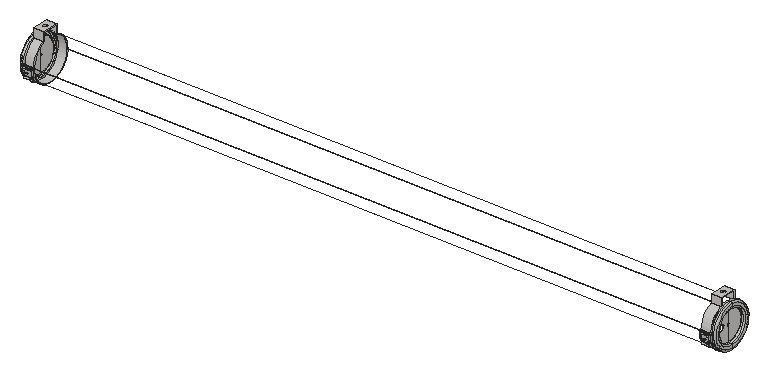
Revit family "FT Mustang_2020", category Lighting Fixtures, Revit 2020
Family settings
  Round Connector Dimension = Use Diameter
  Part Type = Normal
  OmniClass Number = 23.80.70.00
  OmniClass Title = Lighting
  Work Plane-Based = No
  Always vertical = Yes
  Cut with Voids When Loaded = No
  Light Source = Yes
  Shared = No
  Room Calculation Point = No
Parameters (values of type "MU324")
  Watts = 40 W
  Wattage = 45.1051 W
  built-in parameter 1150110 = 1 (stored number, unit not read)
  Useful life = "L70B50>50000"
  Unify glade rating = "UGR<19"
  URL = "https://www.airfal.com/prod/aplicaciones-iluminacion/zonas-deportivas/mustang/"
  built-in parameter 1114217 = 1 (stored number, unit not read)
  Tilt Angle = 90.00°
  built-in parameter 1150109 = 1 (stored number, unit not read)
  built-in parameter 1150134 = 12
  built-in parameter 1150113 = 1 (stored number, unit not read)
  Size = 1500.00 mm
  Photometric Web File = "MU324 MUSTANG 1500 40W 4000K 6940 lm G5.IES"
  Photobiological risk group = "RG 0/1"
  Net output = 4481 lm
  MacAdam Ellipse = "3/4"
  built-in parameter 1150105 = 533.17 (stored number, unit not read)
  Lumens = 6700 lm
  built-in parameter 1150115 = 1 (stored number, unit not read)
  built-in parameter 1150137 = (empty or 0)
  built-in parameter 1150139 = (empty or 0)
  Led Module = yes
  built-in parameter 1150112 = 1 (stored number, unit not read)
  built-in parameter 1150114 = 1 (stored number, unit not read)
  L = 1660.00 mm
  built-in parameter 1150132 = 2
  built-in parameter 1150102 = (empty or 0)
  built-in parameter 1150107 = 4000 (stored number, unit not read)
  built-in parameter 1150138 = (empty or 0)
  built-in parameter 1150106 = 5.3317 (stored number, unit not read)
  IP = "IP69K"
  IK = "IK10"
  Glow wire test = ""
  Emit from Line Length = 609.60 mm
  Emergency system = no
  built-in parameter 1150104 = 13.8 (stored number, unit not read)
  EX Area = ""
  Dimming Lamp Color Temperature Shift = <None>
  Description = "https://www.airfal.com/fichas/new/FT-Mustang.pdf"
  Default Elevation = 0.00 mm
  Color Filter = 16777215
  Chromatic Index = "CR>80"
  built-in parameter 1114218 = 1 (stored number, unit not read)
  built-in parameter 1150133 = 10 (stored number, unit not read)
Types (12, lengths in mm): name | Watts | Wattage | Tilt Angle | built-in parameter 1150134 | Size | Photometric Web File | Net output | built-in parameter 1150105 | Lumens | L | built-in parameter 1150107 | built-in parameter 1150106
  MU113 | 13 W | 10.0308 W | 60.00° | (empty or 0) | 600.00 | "generic" | 997 lm | 118.57 (stored number, unit not read) | 1490 lm | 763.00 | 3000 (stored number, unit not read) | 1.1857 (stored number, unit not read)
  MU114 | 13 W | 10.4348 W | 60.00° | 12 | 600.00 | "generic" | 1037 lm | 123.35 (stored number, unit not read) | 1550 lm | 763.00 | 4000 (stored number, unit not read) | 1.2335 (stored number, unit not read)
  MU123 | 16 W | 17.2342 W | 90.00° | (empty or 0) | 600.00 | "MU123 MUSTANG 16W 3000K 2650 lm G5.IES" | 1712 lm | 203.72 (stored number, unit not read) | 2560 lm | 763.00 | 3000 (stored number, unit not read) | 2.0372 (stored number, unit not read)
  MU124 | 16 W | 17.9747 W | 90.00° | 12 | 600.00 | "MU124 MUSTANG 16W 4000K 2775 lm G5.IES" | 1786 lm | 212.47 (stored number, unit not read) | 2670 lm | 763.00 | 4000 (stored number, unit not read) | 2.1247 (stored number, unit not read)
  MU213 | 24 W | 20.0617 W | 60.00° | (empty or 0) | 1200.00 | "generic" | 1993 lm | 237.14 (stored number, unit not read) | 2980 lm | 1375.00 | 3000 (stored number, unit not read) | 2.3714 (stored number, unit not read)
  MU214 | 24 W | 21.5427 W | 60.00° | 12 | 1200.00 | "generic" | 2140 lm | 254.65 (stored number, unit not read) | 3200 lm | 1375.00 | 4000 (stored number, unit not read) | 2.5465 (stored number, unit not read)
  MU223 | 32 W | 34.4684 W | 90.00° | (empty or 0) | 1200.00 | "MU223 MUSTANG 1200 32W 3000K 5300 lm G5.IES" | 3424 lm | 407.44 (stored number, unit not read) | 5120 lm | 1375.00 | 3000 (stored number, unit not read) | 4.0744 (stored number, unit not read)
  MU313 | 29 W | 25.0434 W | 60.00° | (empty or 0) | 1500.00 | "generic" | 2488 lm | 296.03 (stored number, unit not read) | 3720 lm | 1660.00 | 3000 (stored number, unit not read) | 2.9603 (stored number, unit not read)
  MU224 | 32 W | 35.9494 W | 90.00° | 12 | 1200.00 | "MU224 MUSTANG 1200 32W 4000K 5550 lm G5.IES" | 3571 lm | 424.94 (stored number, unit not read) | 5340 lm | 1375.00 | 4000 (stored number, unit not read) | 4.2494 (stored number, unit not read)
  MU314 | 29 W | 26.9284 W | 60.00° | 12 | 1500.00 | "generic" | 2675 lm | 318.31 (stored number, unit not read) | 4000 lm | 1660.00 | 4000 (stored number, unit not read) | 3.1831 (stored number, unit not read)
  MU323 | 40 W | 42.4796 W | 90.00° | (empty or 0) | 1500.00 | "MU323 MUSTANG 1500 40W 3000K 6631 lm G5.IES" | 4220 lm | 502.13 (stored number, unit not read) | 6310 lm | 1660.00 | 3000 (stored number, unit not read) | 5.0213 (stored number, unit not read)
  MU324 | 40 W | 45.1051 W | 90.00° | 12 | 1500.00 | "MU324 MUSTANG 1500 40W 4000K 6940 lm G5.IES" | 4481 lm | 533.17 (stored number, unit not read) | 6700 lm | 1660.00 | 4000 (stored number, unit not read) | 5.3317 (stored number, unit not read)
Reference planes
  plane 1 "Light Source Axis (F/B)": y = -218.644
  plane 2: z = 0
  plane 3 "Light Source Axis (L/R)": x = 0
  plane 4 "Light Source Elevation": z = 1371.6
  plane 5: z = 0
  plane 6: x = -830
  plane 7: x = 830
  plane 8: z = 1321.6
Forms (mm)
  Extrusion 1, solid, material "Polycarbonate"
    sketch origin (0, 0, 0) x (0, 1, 0) y (0, 0, 1)
      loop
        circle (-218.644, 1371.6) r 50
    from -830 to 830
Dimensions and locks
  equal spacing: plane 6, plane 3 "Light Source Axis (L/R)", plane 7
  "L": plane 6 to plane 7
  locked: plane 8 to plane 4 "Light Source Elevation" at 50
  aligned and locked: level to plane 5
  aligned and locked: Extrusion 1 to plane 6
  aligned and locked: Extrusion 1 to plane 7
  aligned and locked: nested 1 to plane 1 "Light Source Axis (F/B)"
  aligned and locked: nested 2 to plane 1 "Light Source Axis (F/B)"
  aligned and locked: plane 7 to nested 3
  aligned and locked: plane 6 to nested 4
  aligned and locked: plane 4 "Light Source Elevation" to nested 4
  aligned and locked: nested 3 to plane 4 "Light Source Elevation"
  aligned and locked: imposter light to plane 8
  aligned and locked: nested 1 to plane 6
  aligned and locked: nested 2 to plane 7
Automatic sketch dimensions
  Extrusion 1 sketch curve to plane 1 "Light Source Axis (F/B)" = 0.00 mm
  plane 4 "Light Source Elevation" to Extrusion 1 sketch curve = 0.00 mm
  radius of Extrusion 1 sketch curve = 50.00 mm
Nested families
  nested 1: "Quick opening stainless steel FARM-100mm" at (-818, -218.644, 1371.6) x (0, 1, 0) z (0, 0, 1), type "Quick opening stainless steel FARM-100mm"
  nested 2: "Quick opening stainless steel FARM-100mm" at (818, -218.644, 1371.6) x (0, 1, 0) z (0, 0, 1), type "Quick opening stainless steel FARM-100mm"
  nested 3: "SS 304 Stainless Steel 304 (hole)" at (830, -218.644, 1371.6) x (-1, 0, 0) z (0, 0, 1), type "D100"
  nested 4: "SS 304 Stainless Steel 304 (no hole)" at (-830, -218.644, 1371.6), type "D100"
Definition of nested family "Quick opening stainless steel FARM-100mm"
  Parameters
    Default Elevation = 0.00 mm
  Reference planes
    plane 1 "Center (Front/Back)": y = 0
    plane 2: z = 0
    plane 3 "Center (Left/Right)": x = 0
    plane 4: x = 50
    plane 5: x = -50
    plane 6: through (-51.932, -4572, 0.986) normal (0.9987, 0, 0.0504)
  Forms (mm)
    Extrusion 1, solid
      sketch origin (0, 0, 0) x (1, 0, 0) y (0, 0, 1)
        loop
          line (-19, 46.249) -> (-19, 66) -> (19, 66) -> (19, 46.249)
          arc (19, 46.249) -> (29.624, -40.279) -> (-49.81, -4.358) r 50
          line (-49.81, -4.358) -> (-50.806, -4.445)
          arc (-50.806, -4.445) -> (29.945, -41.283) -> (20, 46.915) r 51
          line (20, 46.915) -> (20, 67) -> (-20, 67) -> (-20, 46.915)
          arc (-20, 46.915) -> (-42.1, 28.786) -> (-50.974, 1.614) r 51
          arc (-50.974, 1.614) -> (-51.29, 1.165) -> (-51.828, 1.276) r 0.5
          line (-51.828, 1.276) -> (-56.07, 5.519) -> (-56.778, 4.812) -> (-52.535, 0.569)
          arc (-52.535, 0.569) -> (-50.875, 0.425) -> (-49.967, 1.822) r 1.619
          arc (-49.967, 1.822) -> (-41.019, 28.591) -> (-19, 46.249) r 50
      from -12 to 12
    Sweep 2, solid
      path origin (-1.284, 0.781, 2.348) x (0, 1, 0) y (-0.030516, 0, 0.999534)
        loop
          line (10.214, 1.776) -> (-11.777, 1.776)
          arc (-11.777, 1.776) -> (-13.191, 1.19) -> (-13.777, -0.224) r 2
          line (-13.777, -0.224) -> (-13.777, -15.814)
          arc (-13.777, -15.814) -> (-13.191, -17.228) -> (-11.777, -17.814) r 2
          line (-11.777, -17.814) -> (10.214, -17.814)
          arc (10.214, -17.814) -> (11.628, -17.228) -> (12.214, -15.814) r 2
          line (12.214, -15.814) -> (12.214, -0.224)
          arc (12.214, -0.224) -> (11.628, 1.19) -> (10.214, 1.776) r 2
      profile origin (-1.338, 0, 4.123) x (0.030516, 0, -0.999534) y (0.999534, 0, 0.030516)
        loop
          circle (0, -50.482) r 0.8
    Extrusion 3, solid
      sketch origin (2.155, 0, 0.192) x (1, 0, 0) y (0, 0, 1)
        loop
          arc (-53.343, -1.904) -> (-53.731, -1.244) -> (-54.472, -1.052) r 1
          line (-54.472, -1.052) -> (-55.784, -1.236)
          arc (-55.784, -1.236) -> (-57.104, -2.012) -> (-57.488, -3.494) r 2
          line (-57.488, -3.494) -> (-55.129, -20.352)
          arc (-55.129, -20.352) -> (-54.99, -20.738) -> (-54.707, -21.036) r 1
          arc (-54.707, -21.036) -> (-53.399, -23.326) -> (-54.37, -25.777) r 3.043
          line (-54.37, -25.777) -> (-53.074, -25.595)
          arc (-53.074, -25.595) -> (-52.104, -23.144) -> (-53.411, -20.855) r 3.043
          arc (-53.411, -20.855) -> (-53.688, -20.567) -> (-53.83, -20.195) r 1
          arc (-53.83, -20.195) -> (-53.627, -19.468) -> (-52.975, -19.09) r 1
          line (-52.975, -19.09) -> (-51.968, -18.949)
          arc (-51.968, -18.949) -> (-51.308, -18.561) -> (-51.116, -17.82) r 1
          line (-51.116, -17.82) -> (-53.343, -1.904)
        loop
          line (-56.993, -3.424) -> (-56.809, -4.734) -> (-55.324, -4.527) -> (-55.715, -1.731)
          arc (-55.715, -1.731) -> (-56.705, -2.313) -> (-56.993, -3.424) r 1.5
        loop
          circle (-53.087, -17.163) r 1.401
      from -9.93 to 9.9
    Extrusion 4, void
      sketch origin (0, 0, 0) x (1, 0, 0) y (0, 1, 0)
        loop
          circle (0, 0) r 4.5
      from 66 to 67
  Cuts and joins
    Extrusion 4 cuts Extrusion 1
  Dimensions and locks
    aligned and locked: plane 2 to level
  Automatic sketch dimensions
    plane 1 "Center (Front/Back)" to Extrusion 4 sketch curve = 0.00 mm
    Extrusion 4 sketch curve to plane 3 "Center (Left/Right)" = 0.00 mm
    Extrusion 1 sketch curve to Extrusion 1 sketch curve = 0.00 mm  (x13)
    Extrusion 1 sketch curve to plane 3 "Center (Left/Right)" = 0.00 mm
    Extrusion 1 sketch curve to Extrusion 1 sketch curve = 1.00 mm  (x3)
    plane 5 to Extrusion 1 sketch curve = 1.474 mm
    Extrusion 1 sketch curve to Extrusion 1 sketch curve = 0.111 mm
    Extrusion 1 sketch curve to Extrusion 1 sketch curve = 0.354 mm  (x2)
    level to Extrusion 1 sketch curve = 0.569 mm
    Extrusion 1 sketch curve to Extrusion 1 sketch curve = 0.707 mm  (x3)
    Extrusion 1 sketch curve to Extrusion 1 sketch curve = 4.485 mm
    Extrusion 1 sketch curve to Extrusion 1 sketch curve = 0.251 mm
    Extrusion 1 sketch curve to Extrusion 1 sketch curve = 0.665 mm  (x2)
    Extrusion 1 sketch curve to Extrusion 1 sketch curve = 19.085 mm
    plane 5 to Extrusion 1 sketch curve = 0.806 mm
    Extrusion 1 sketch curve to level = 4.445 mm
    Extrusion 1 sketch curve to plane 5 = 0.19 mm
    Extrusion 1 sketch curve to level = 4.358 mm
    Extrusion 1 sketch curve to plane 3 "Center (Left/Right)" = 20.00 mm
    Extrusion 1 sketch curve to level = 0.00 mm
    Extrusion 3 sketch curve to Extrusion 3 sketch curve = 0.00 mm  (x2)
    Extrusion 3 sketch curve to level = 3.302 mm
    plane 5 to Extrusion 3 sketch curve = 5.333 mm
    Extrusion 3 sketch curve to Extrusion 3 sketch curve = 0.495 mm
    Extrusion 3 sketch curve to Extrusion 3 sketch curve = 0.183 mm  (x2)
    plane 5 to Extrusion 3 sketch curve = 4.279 mm
    Extrusion 3 sketch curve to level = 1.044 mm
    Extrusion 3 sketch curve to Extrusion 3 sketch curve = 1.208 mm
    Extrusion 3 sketch curve to level = 1.539 mm
    Extrusion 3 sketch curve to Extrusion 3 sketch curve = 0.069 mm
    Extrusion 3 sketch curve to Extrusion 3 sketch curve = 0.208 mm
    Extrusion 3 sketch curve to Extrusion 3 sketch curve = 1.296 mm
    plane 5 to Extrusion 3 sketch curve = 2.974 mm
    Extrusion 3 sketch curve to level = 0.86 mm
    Extrusion 3 sketch curve to Extrusion 3 sketch curve = 1.312 mm
    plane 5 to Extrusion 3 sketch curve = 2.215 mm
    Extrusion 3 sketch curve to Extrusion 3 sketch curve = 0.139 mm  (x2)
    Extrusion 3 sketch curve to Extrusion 3 sketch curve = 0.99 mm  (x4)
    plane 5 to Extrusion 3 sketch curve = 0.932 mm
    plane 5 to Extrusion 3 sketch curve = 0.919 mm
    plane 5 to Extrusion 3 sketch curve = 0.82 mm
    plane 5 to Extrusion 3 sketch curve = 0.688 mm
    Extrusion 3 sketch curve to Extrusion 3 sketch curve = 0.007 mm
    Extrusion 3 sketch curve to plane 5 = 0.048 mm
    Extrusion 3 sketch curve to plane 5 = 0.187 mm
    Extrusion 3 sketch curve to Extrusion 3 sketch curve = 12.637 mm
    Extrusion 3 sketch curve to Extrusion 3 sketch curve = 0.657 mm
    Extrusion 3 sketch curve to Extrusion 3 sketch curve = 0.141 mm
    Extrusion 3 sketch curve to Extrusion 3 sketch curve = 0.942 mm
    Extrusion 3 sketch curve to Extrusion 3 sketch curve = 0.048 mm
    Extrusion 3 sketch curve to Extrusion 3 sketch curve = 0.181 mm  (x3)
    Extrusion 3 sketch curve to Extrusion 3 sketch curve = 3.008 mm
    Extrusion 3 sketch curve to Extrusion 3 sketch curve = 2.236 mm
    Extrusion 3 sketch curve to Extrusion 3 sketch curve = 0.309 mm
    plane 1 "Center (Front/Back)" to Sweep 2 sketch curve = 12.995 mm
    Sweep 2 sketch curve to Sweep 2 sketch curve = 2.00 mm  (x3)
    Sweep 2 sketch curve to plane 1 "Center (Front/Back)" = 10.995 mm  (x2)
    Sweep 2 sketch curve to Sweep 2 sketch curve = 15.59 mm
    profile plane to Sweep 2 sketch curve = 0.00 mm
    Sweep 2 sketch curve to profile plane = 50.482 mm
    radius of Extrusion 4 sketch curve = 4.50 mm
    radius of Extrusion 3 sketch curve = 1.401 mm
    radius of Sweep 2 sketch curve = 0.80 mm
Definition of nested family "SS 304 Stainless Steel 304 (hole)"
  Parameters (values of type "D83")
    R = 41.50 mm
    Default Elevation = 0.00 mm
  Types (3, lengths in mm): name | R
    (no name) | 41.50
    D100 | 50.00
    D83 | 41.50
  Reference planes
    plane 1 "Center (Front/Back)": y = 0
    plane 2: z = 0
    plane 3 "Center (Left/Right)": x = 0
  Forms (mm)
    Revolve 1, solid
      sketch origin (0, 0, 0) x (1, 0, 0) y (0, 0, 1)
        loop
          line (0, 4.23) -> (1, 4.23) -> (1, 30.08)
          arc (1, 30.08) -> (0.707, 30.787) -> (0, 31.08) r 1
          line (0, 31.08) -> (-6.5, 31.08)
          arc (-6.5, 31.08) -> (-8.268, 31.812) -> (-9, 33.58) r 2.5
          line (-9, 33.58) -> (-9, 38.5)
          arc (-9, 38.5) -> (-8.121, 40.621) -> (-6, 41.5) r 3
          line (-6, 41.5) -> (0, 41.5)
          arc (0, 41.5) -> (0.793, 43.109) -> (-0.966, 42.759) r 1
          line (-0.966, 42.759) -> (0, 42.5) -> (-7, 42.5)
          arc (-7, 42.5) -> (-9.121, 41.621) -> (-10, 39.5) r 3
          line (-10, 39.5) -> (-10, 32.58)
          arc (-10, 32.58) -> (-9.268, 30.812) -> (-7.5, 30.08) r 2.5
          line (-7.5, 30.08) -> (-1, 30.08)
          arc (-1, 30.08) -> (-0.293, 29.787) -> (0, 29.08) r 1
          line (0, 29.08) -> (0, 4.23)
        axis (-10, 0) -> (1, 0)
      angle from 0 to 360
    Extrusion 2, void
      sketch origin (0, 0, 0) x (0, 1, 0) y (0, 0, 1)
        loop
          circle (22.537, 0) r 9.25
      from 0 to 1
  Cuts and joins
    Extrusion 2 cuts Revolve 1
  Lines and regions (mm)
    model lines
      curve 1: line (-0.966, 0, 0) -> (1, 0, 0)
  Dimensions and locks
    "R": Revolve 1 sketch curve to Revolve 1 sketch curve
    aligned and locked: plane 2 to level
  Automatic sketch dimensions
    curve 1 to level = 0.00 mm
    curve 1 to plane 3 "Center (Left/Right)" = 0.966 mm
    plane 3 "Center (Left/Right)" to curve 1 = 1.00 mm
    Extrusion 2 sketch curve to level = 0.00 mm
    Extrusion 2 sketch curve to plane 1 "Center (Front/Back)" = 22.537 mm
    Revolve 1 sketch curve to level = 0.00 mm
    Revolve 1 sketch curve to plane 3 "Center (Left/Right)" = 0.00 mm  (x4)
    Revolve 1 sketch curve to plane 3 "Center (Left/Right)" = 0.966 mm
    Revolve 1 sketch curve to Revolve 1 sketch curve = 1.00 mm  (x5)
    Revolve 1 sketch curve to Revolve 1 sketch curve = 5.034 mm
    Revolve 1 sketch curve to Revolve 1 sketch curve = 5.50 mm
    Revolve 1 sketch curve to Revolve 1 sketch curve = 1.50 mm
    plane 3 "Center (Left/Right)" to Revolve 1 sketch curve = 1.00 mm
    level to Revolve 1 sketch curve = 4.23 mm
    Revolve 1 sketch curve to Revolve 1 sketch curve = 9.42 mm
    Revolve 1 sketch curve to Revolve 1 sketch curve = 0.00 mm  (x2)
    Revolve 1 sketch curve to plane 3 "Center (Left/Right)" = 26.536 mm
    Revolve 1 sketch curve to Revolve 1 sketch curve = 40.858 mm
    radius of Extrusion 2 sketch curve = 9.25 mm
Definition of nested family "SS 304 Stainless Steel 304 (no hole)"
  Parameters (values of type "D83")
    R = 41.50 mm
    Default Elevation = 0.00 mm
  Types (3, lengths in mm): name | R
    (no name) | 41.50
    D100 | 50.00
    D83 | 41.50
  Reference planes
    plane 1 "Center (Front/Back)": y = 0
    plane 2: z = 0
    plane 3 "Center (Left/Right)": x = 0
  Forms (mm)
    Revolve 1, solid
      sketch origin (0, 0, 0) x (1, 0, 0) y (0, 0, 1)
        loop
          line (1, 4.23) -> (1, 30.08)
          arc (1, 30.08) -> (0.707, 30.787) -> (0, 31.08) r 1
          line (0, 31.08) -> (-6.5, 31.08)
          arc (-6.5, 31.08) -> (-8.268, 31.812) -> (-9, 33.58) r 2.5
          line (-9, 33.58) -> (-9, 38.5)
          arc (-9, 38.5) -> (-8.121, 40.621) -> (-6, 41.5) r 3
          line (-6, 41.5) -> (0, 41.5)
          arc (0, 41.5) -> (0.793, 43.109) -> (-0.966, 42.759) r 1
          line (-0.966, 42.759) -> (0, 42.5) -> (-7, 42.5)
          arc (-7, 42.5) -> (-9.121, 41.621) -> (-10, 39.5) r 3
          line (-10, 39.5) -> (-10, 32.58)
          arc (-10, 32.58) -> (-9.268, 30.812) -> (-7.5, 30.08) r 2.5
          line (-7.5, 30.08) -> (-1, 30.08)
          arc (-1, 30.08) -> (-0.293, 29.787) -> (0, 29.08) r 1
          line (0, 29.08) -> (0, 4.23) -> (1, 4.23)
        axis (-10, 0) -> (1, 0)
      angle from 0 to 360
  Lines and regions (mm)
    model lines
      curve 1: line (-0.966, 0, 0) -> (1.034, 0, 0)
  Dimensions and locks
    "R": Revolve 1 sketch curve to Revolve 1 sketch curve
    Revolve 1 sketch curve to Revolve 1 sketch curve to Revolve 1 sketch curve to Revolve 1 sketch curve = 1.00 mm, 10.42 mm, 1.00 mm
    aligned and locked: plane 2 to level
  Automatic sketch dimensions
    curve 1 to level = 0.00 mm
    curve 1 to plane 3 "Center (Left/Right)" = 0.966 mm
    plane 3 "Center (Left/Right)" to curve 1 = 1.034 mm
    Revolve 1 sketch curve to level = 0.00 mm
    Revolve 1 sketch curve to plane 3 "Center (Left/Right)" = 0.00 mm  (x4)
    Revolve 1 sketch curve to plane 3 "Center (Left/Right)" = 0.966 mm
    Revolve 1 sketch curve to Revolve 1 sketch curve = 1.00 mm  (x4)
    Revolve 1 sketch curve to Revolve 1 sketch curve = 5.034 mm
    Revolve 1 sketch curve to Revolve 1 sketch curve = 5.50 mm
    Revolve 1 sketch curve to Revolve 1 sketch curve = 2.00 mm
    plane 3 "Center (Left/Right)" to Revolve 1 sketch curve = 1.00 mm
    level to Revolve 1 sketch curve = 4.23 mm
    Revolve 1 sketch curve to Revolve 1 sketch curve = 0.00 mm
    Revolve 1 sketch curve to plane 3 "Center (Left/Right)" = 26.536 mm
    Revolve 1 sketch curve to Revolve 1 sketch curve = 40.858 mm
